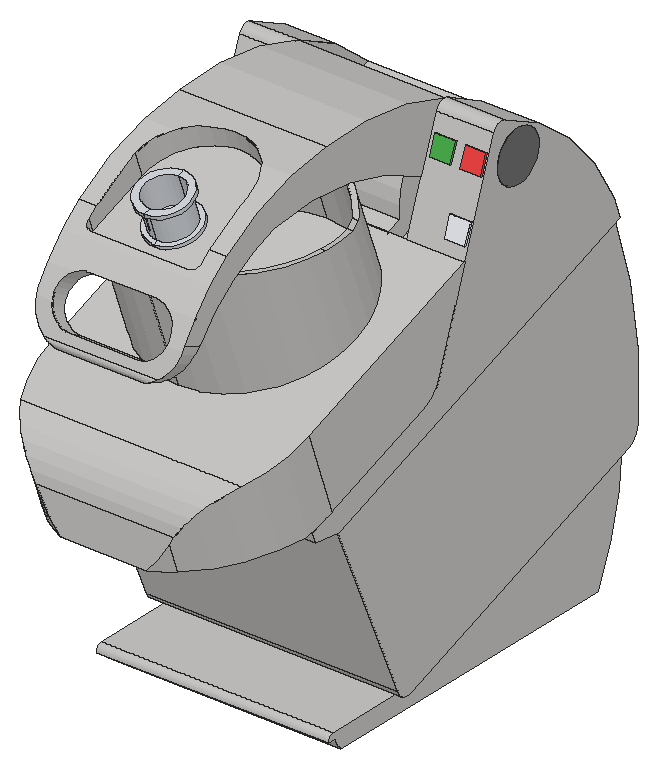
Revit family "QF_DITOSAMA_600419_DTRSY1V50", category Specialty Equipment, Revit 2018
Family settings
  Round Connector Dimension = Use Diameter
  Part Type = Normal
  Work Plane-Based = No
  Always vertical = Yes
  Cut with Voids When Loaded = No
  Shared = No
  Room Calculation Point = No
Parameters (values of type "QF_DITO SAMA_600419_DTRSY1V50")
  Weight = 21.40 kg
  Watts = 0 W
  Volts = 220 V
  URL Manufacturer = "http://www.ditosama.com"
  URL = "http://www.ditosama.com"
  Steam Supply Size = 0 mm
  Steam Supply Minimum Pressure = 0.0 Pa
  Steam Supply Maximum Pressure = 0.0 Pa
  Steam Pounds per Hour = 0
  Refrigeration Suction Line Size = 0 mm
  Refrigeration Liquid Line Size = 0 mm
  Refrigerant Compressor Remote = yes
  Manufacturer = "Dito Sama"
  Phase = 1
  Model = "DTRSY1V50"
  Length Actual = 252 mm  # constant formula
  Item Number = "600419"
  Hot Water Size = 0 mm
  Height Actual = 515 mm  # constant formula
  HP = "0.7 HP"
  Gas Size = 0 mm
  Gas KW = 0
  Gas Input Pressure = 0 W
  Direct Waste Size = 0 mm
  Description = "VEGETABLE SLICER-1 SPEED-500W-220-240/1/50"
  Depth Actual = 500 mm  # constant formula
  Cycle = 50 Hz
  Condensate Return Size = 0 mm
  Compressed Air Volume = 0.0 L/s
  Compressed Air Size = 0 mm
  Compressed Air Pressure = 0.0 Pa
  Cold Water Size = 0 mm
  Accessory = yes
Reference planes
  plane 1 "Center (Front/Back)": y = 0
  plane 2: z = 0
  plane 3 "Center (Left/Right)": x = 0
  plane 4 "BASE": through (-1506.947, -1354.442, -482.669) normal (0, -0.342, 0.9397)
  plane 5 "TOP": z = 780
  plane 6 "FRONT": y = -250
  plane 7 "BACK": y = 250
  plane 8 "LEFT": x = -126
  plane 9 "RIGHT": x = 126
  plane 10 "BaseSup": through (4267.2, -355.454, 143.983) normal (0, -0.342, 0.9397)
  plane 11 "TopCylinder": z = 502
  plane 12 "panel": through (4267.2, 37.396, 376.789) normal (0, -0.9397, 0.342)
  plane 13 "TAN1": through (4267.2, -242.8, 386.84) normal (0, -0.868, 0.4965)
  plane 14 "cx": x = -4.392
Forms (mm)
  Extrusion 1, solid, material "QF_Finishes_Stainless Steel"
    sketch origin (0, 71.755, 29.173) x (0, 0.939693, 0.34202) y (0, -0.34202, 0.939693)
      loop
        line (194.125, 30) -> (-100, 30) -> (-172.671, 56.45)
        arc (-172.671, 56.45) -> (-177.706, 56.23) -> (-181.11, 52.515) r 6.584
        line (-181.11, 52.515) -> (-172.825, 49.499)
        arc (-172.825, 49.499) -> (-173.282, 42.917) -> (-170.601, 36.887) r 13.662
        line (-170.601, 36.887) -> (125.402, -70.849)
        arc (125.402, -70.849) -> (140.415, -55.659) -> (154.125, -39.282) r 258.806
        arc (154.125, -39.282) -> (176.416, -5.964) -> (194.125, 30) r 303.676
    from -114.1 to 114.1
  Extrusion 2, solid, material "QF_Finishes_Stainless Steel"
    sketch origin (0, 71.755, 29.173) x (0, 0.939693, 0.34202) y (0, -0.34202, 0.939693)
      loop
        arc (-117.754, 231.836) -> (-115.421, 136.806) -> (-106.378, 42.177) r 1344.145
        arc (-106.378, 42.177) -> (-102.811, 33.567) -> (-94.2, 30) r 12.177
        line (-94.2, 30) -> (191.415, 30)
        arc (191.415, 30) -> (200.799, 34.052) -> (207.001, 42.177) r 20.212
        arc (207.001, 42.177) -> (237.263, 134.79) -> (245.906, 231.836) r 430.148
        line (245.906, 231.836) -> (-117.754, 231.836)
    from -123.6 to 123.2
  Extrusion 3, solid, material "QF_Finishes_Stainless Steel"
    sketch origin (0, 71.755, 29.173) x (0, 0.939693, 0.34202) y (0, -0.34202, 0.939693)
      loop
        line (-117.754, 231.836) -> (250, 231.836) -> (250, 254)
        arc (250, 254) -> (225.127, 344.7) -> (167.861, 419.303) r 244.524
        arc (167.861, 419.303) -> (160.498, 421.774) -> (153.587, 418.23) r 10
        line (153.587, 418.23) -> (25.432, 265.5)
        arc (25.432, 265.5) -> (14.376, 257.016) -> (0.77, 254) r 32.194
        line (0.77, 254) -> (-142.678, 254) -> (-142.678, 244) -> (-117.754, 231.836)
    from -125 to 125
  Extrusion 4, void
    sketch origin (0, 71.755, 29.173) x (0, 0.939693, 0.34202) y (0, -0.34202, 0.939693)
      loop
        line (146.605, 338.403) -> (228.145, 338.403)
        arc (228.145, 338.403) -> (202.221, 381.996) -> (167.861, 419.303) r 244.524
        arc (167.861, 419.303) -> (160.498, 421.774) -> (153.587, 418.23) r 10
        line (153.587, 418.23) -> (72.34, 321.403) -> (146.605, 321.403) -> (146.605, 338.403)
    from -76.755 to 68.071
  Extrusion 5, solid, material "QF_Finishes_Stainless Steel"
    sketch origin (0, 71.755, 29.173) x (0, 0.939693, 0.34202) y (0, -0.34202, 0.939693)
      loop
        line (86.605, 338.403) -> (69.605, 321.403) -> (146.605, 321.403) -> (146.605, 338.403) -> (138.179, 338.403) -> (138.179, 369.367)
        arc (138.179, 369.367) -> (147.784, 373.474) -> (158.149, 372.174) r 19.987
        arc (158.149, 372.174) -> (156.791, 382.001) -> (162.888, 389.826) r 12.748
        arc (162.888, 389.826) -> (123.302, 374.774) -> (101.605, 338.403) r 64.447
        line (101.605, 338.403) -> (86.605, 338.403)
    from -65 to 50
  Extrusion 6, solid, material "QF_Finishes_Stainless Steel"
    sketch origin (539, 71.755, 29.173) x (0, -0.939693, -0.34202) y (0, -0.34202, 0.939693)
      loop
        circle (-169.102, 378.696) r 12.748
    from 489 to 604
  Extrusion 7, solid, material "QF_Finishes_Rubber Black"
    sketch origin (0, 71.755, 29.173) x (0, 0.939693, 0.34202) y (0, -0.34202, 0.939693)
      loop
        circle (169.102, 378.696) r 25
    from 125 to 126.6
  Extrusion 8, solid, material "QF_Finishes_Green"
    sketch origin (-10, -113.728, -38.42) x (0, -0.34202, -0.939693) y (1, 0, 0)
      loop
        line (-529.862, 82.865) -> (-509.862, 82.865) -> (-509.862, 102.865) -> (-529.862, 102.865) -> (-529.862, 82.865)
    from 0 to 1.6
  Extrusion 9, solid, material "QF_Finishes_Red"
    sketch origin (20, -113.728, -38.42) x (0, -0.34202, -0.939693) y (1, 0, 0)
      loop
        line (-529.862, 82.865) -> (-509.862, 82.865) -> (-509.862, 102.865) -> (-529.862, 102.865) -> (-529.862, 82.865)
    from 0 to 1.6
  Extrusion 10, solid, material "QF_Finishes_White"
    sketch origin (19.976, -149.421, -75.636) x (0, -0.34202, -0.939693) y (1, 0, 0)
      loop
        line (-521.192, 82.865) -> (-501.192, 82.865) -> (-501.192, 102.865) -> (-521.192, 102.865) -> (-521.192, 82.865)
    from 0 to 1.6
  Extrusion 11, solid, material "QF_Finishes_Rubber Black"
    sketch origin (-20, -306.935, 99.376) x (0, -1, 0) y (1, 0, 0)
      loop
        circle (-230.144, 103.748) r 10
      loop
        circle (-230.144, -61.252) r 10
    from 9.274 to 3.787
  Extrusion 12, void
    sketch origin (-20.94, 306.731, 139.428) x (-1, 0, 0) y (0, -0.34202, 0.939693)
      loop
        circle (-20.94, 196.093) r 10
    from -1.916 to -26.433
  Extrusion 13, solid, material "QF_Finishes_Stainless Steel"
    sketch origin (-20.94, 306.678, 139.573) x (-1, 0, 0) y (0, -0.34202, 0.939693)
      loop
        circle (-20.94, 195.939) r 9.999
    from -8.514 to -26.433
  Extrusion 14, solid, material "QF_Finishes_Stainless Steel"
    sketch origin (0, -15.119, 267.855) x (0, -0.939693, -0.34202) y (1, 0, 0)
      loop
        line (-86.605, -125) -> (117.754, -125)
        arc (117.754, -125) -> (182.577, -108.838) -> (232.224, -64.135) r 138.076
        arc (232.224, -64.135) -> (246.337, -33.516) -> (250, 0) r 104.824
        arc (250, 0) -> (246.337, 33.516) -> (232.224, 64.135) r 104.824
        arc (232.224, 64.135) -> (182.577, 108.838) -> (117.754, 125) r 138.076
        line (117.754, 125) -> (-86.605, 125) -> (-86.605, -125)
    from 0 to 84.403
  Extrusion 15, void
    sketch origin (0, 71.755, 29.173) x (0, 0.939693, 0.34202) y (0, -0.34202, 0.939693)
      loop
        line (-148.177, 254) -> (-243.49, 272.527) -> (-229.509, 307.133)
        arc (-229.509, 307.133) -> (-211.109, 329.855) -> (-183.149, 338.403) r 50
        line (-183.149, 338.403) -> (-263.395, 338.403) -> (-263.395, 254) -> (-148.177, 254)
      loop
        line (86.605, 338.403) -> (25.432, 265.5)
        arc (25.432, 265.5) -> (14.376, 257.016) -> (0.77, 254) r 32.194
        line (0.77, 254) -> (86.605, 254) -> (86.605, 338.403)
    from -156.555 to 144.79
  Extrusion 16, solid, material "QF_Finishes_Rubber Black"
    sketch origin (-20, -28.598, 99.376) x (0, -1, 0) y (1, 0, 0)
      loop
        circle (-230.144, 103.748) r 10
      loop
        circle (-230.144, -61.252) r 10
    from 9.274 to 3.787
  Extrusion 17, solid, material "QF_Finishes_Stainless Steel"
    sketch origin (0, 0, 0) x (0, 1, 0) y (0, 0, 1)
      loop
        arc (-237.987, 360.286) -> (-193.334, 422.101) -> (-125.907, 457.716) r 167.502
        arc (-125.907, 457.716) -> (-32.614, 457.202) -> (54.785, 424.565) r 266.494
        line (54.785, 424.565) -> (73.036, 474.711)
        arc (73.036, 474.711) -> (77.269, 479.853) -> (83.792, 481.198) r 10
        arc (83.792, 481.198) -> (12.917, 500.705) -> (-60.594, 500.999) r 278.64
        arc (-60.594, 500.999) -> (-125.023, 488.463) -> (-183.511, 458.675) r 236.13
        arc (-183.511, 458.675) -> (-222.818, 420.732) -> (-248.457, 372.49) r 174.407
        arc (-248.457, 372.49) -> (-249.83, 368.135) -> (-247.05, 364.513) r 4.945
        line (-247.05, 364.513) -> (-237.987, 360.286)
    from -76.755 to 68.071
  Extrusion 18, void
    sketch origin (0, -252.846, 369.279) x (0, -0.496521, -0.868025) y (1, 0, 0)
      loop
        line (-13.723, -36.755) -> (-13.723, 28.071)
        arc (-13.723, 28.071) -> (-38.723, 53.071) -> (-63.723, 28.071) r 25
        line (-63.723, 28.071) -> (-63.723, -36.755)
        arc (-63.723, -36.755) -> (-38.723, -61.755) -> (-13.723, -36.755) r 25
    from -148.493 to 7.125
  Extrusion 19, void
    sketch origin (0, -88.076, 32.057) x (0, -0.34202, -0.939693) y (1, 0, 0)
      loop
        line (-257.162, 68.071) -> (-297.162, 68.071)
        arc (-297.162, 68.071) -> (-268.878, 56.356) -> (-257.162, 28.071) r 40
        line (-257.162, 28.071) -> (-257.162, 68.071)
      loop
        line (-257.162, -76.755) -> (-257.162, -36.755)
        arc (-257.162, -36.755) -> (-268.878, -65.039) -> (-297.162, -76.755) r 40
        line (-297.162, -76.755) -> (-257.162, -76.755)
    from 233.374 to 280.473
  Extrusion 20, void
    sketch origin (0, -73.76, 246.511) x (0, -0.939693, -0.34202) y (1, 0, 0)
      loop
        spline (50.415, 43.499) -> (50.302, 44.538) -> (50.07, 45.551) -> (49.722, 46.523) -> (49.265, 47.436) -> (48.705, 48.278) -> (48.053, 49.034) -> (47.317, 49.692) -> (46.511, 50.241) -> (45.647, 50.674) -> (44.738, 50.981) -> (43.801, 51.16) -> (42.848, 51.221)
        line (42.848, 51.221) -> (-21.826, 51.221)
        arc (-21.826, 51.221) -> (-77.476, -4.429) -> (-21.826, -60.078) r 55.65
        line (-21.826, -60.078) -> (42.849, -60.064)
        spline (42.849, -60.064) -> (43.796, -60.017) -> (44.73, -59.836) -> (45.637, -59.525) -> (46.5, -59.088) -> (47.306, -58.532) -> (48.042, -57.867) -> (48.695, -57.103) -> (49.256, -56.253) -> (49.715, -55.331) -> (50.065, -54.351) -> (50.3, -53.329) -> (50.415, -52.283)
        line (50.415, -52.283) -> (50.415, 43.499)
    from 219.928 to 259.975
  Extrusion 21, void
    sketch origin (0, -87.856, 241.381) x (0, -0.939693, -0.34202) y (1, 0, 0)
      loop
        circle (-4.976, -4.429) r 22.5
    from 184.171 to 259.975
  Extrusion 22, solid, material "QF_Finishes_Stainless Steel"
    sketch origin (0, -57.13, 252.564) x (0, -0.939693, -0.34202) y (1, 0, 0)
      loop
        circle (-27.476, -4.429) r 100
      loop
        circle (-27.476, -4.429) r 95
    from 84.403 to 219.928
  Extrusion 23, void
    sketch origin (539, 0, 0) x (0, -1, 0) y (0, 0, 1)
      loop
        line (-7.229, 448.453) -> (38.883, 431.669) -> (53.883, 431.669) -> (97.232, 435.738) -> (172.232, 435.738) -> (200.5, 434.424) -> (12.562, 502.828) -> (-7.229, 448.453)
    from 424.9 to 664
  Revolve 24, solid
    sketch origin (-4.392, 0, 0) x (0, 1, 0) y (0, 0, 1)
      loop
        line (-159.523, 452.833) -> (-177.266, 446.376) -> (-188.766, 477.973) -> (-195.199, 475.631) -> (-193.959, 472.225) -> (-189.261, 473.935) -> (-179, 445.744) -> (-183.698, 444.034) -> (-182.575, 440.948) -> (-179.543, 442.052) -> (-133.191, 314.7) -> (-112.048, 322.396) -> (-159.523, 452.833)
      axis (-112.048, 322.396) -> (-171.023, 484.431)
    angle from 0 to 360
  Extrusion 25, solid, material "QF_Door-Drawer Clearances", detail levels coarse
    sketch origin (0, -259.129, 728.467) x (0, -0.462376, -0.886684) y (0, 0.886684, -0.462376)
      loop
        arc (-237.987, 360.286) -> (-193.334, 422.101) -> (-125.907, 457.716) r 167.502
        arc (-125.907, 457.716) -> (-32.614, 457.202) -> (54.785, 424.565) r 266.494
        line (54.785, 424.565) -> (59.562, 427.056)
        arc (59.562, 427.056) -> (59.025, 458.234) -> (62.46, 489.226) r 244.524
        arc (62.46, 489.226) -> (1.594, 502.023) -> (-60.594, 500.999) r 278.64
        arc (-60.594, 500.999) -> (-125.023, 488.463) -> (-183.511, 458.675) r 236.13
        arc (-183.511, 458.675) -> (-222.818, 420.732) -> (-248.457, 372.49) r 174.407
        arc (-248.457, 372.49) -> (-249.83, 368.135) -> (-247.05, 364.513) r 4.945
        line (-247.05, 364.513) -> (-237.987, 360.286)
    from -76.755 to 68.071
  Extrusion 26, solid, material "QF_Door-Drawer Clearances", detail levels coarse
    sketch origin (-4.392, 0, 0) x (0, 1, 0) y (0, 0, 1)
      loop
        arc (180.062, 780.324) -> (-149.234, 694.151) -> (-249.905, 368.994) r 350.321
        line (-249.905, 368.994) -> (-246.546, 377.767)
        arc (-246.546, 377.767) -> (-144.345, 691.9) -> (174.993, 776.44) r 345.321
        line (174.993, 776.44) -> (180.062, 780.324)
    from -60 to 60
Cuts and joins
  Extrusion 4, Extrusion 19, Extrusion 20, Extrusion 21 cuts Extrusion 3
  Extrusion 15, Extrusion 19, Extrusion 20, Extrusion 21 cuts Extrusion 14
  Extrusion 18, Extrusion 19, Extrusion 20, Extrusion 21 cuts Extrusion 17
  Extrusion 12, Extrusion 20, Extrusion 21 cuts Extrusion 2
  Extrusion 23 cuts Extrusion 22
Lines and regions (mm)
  model lines
    curve 1: line (-65, 80.335, 302.597) -> (50, 80.335, 302.597)
    curve 2: line (-65, 83.13, 303.615) -> (50, 83.13, 303.615)
Dimensions and locks
  plane 5 "TOP" to level = 780 mm
  plane 8 "LEFT" to plane 3 "Center (Left/Right)" to plane 9 "RIGHT" = 126 mm, 126 mm
  plane 7 "BACK" to plane 1 "Center (Front/Back)" to plane 6 "FRONT" = 250 mm, 250 mm
  plane 5 "TOP" to plane 2 = 780 mm
  plane 5 "TOP" to plane 11 "TopCylinder" = 278 mm
  plane 6 "FRONT" to plane 7 "BACK" = 500 mm
  plane 7 "BACK" to plane 6 "FRONT" = 500 mm
  plane 11 "TopCylinder" to level = 502 mm
  aligned and locked: level to plane 2
Connectors
  electrical at (0, 231.662, 320.783), driven by "Volts"
    settings: on Extrusion 13, index 1, voltage 220 V, apparent load 0 VA, apparent load phase1 0 VA, apparent load phase2 0 VA, apparent load phase3 0 VA, power factor 1, load classification "Other", number of poles 1, system type 30, power factor state 1, is connector primary yes, connector utility no, sub classification motor no, connector description "Electrical Connection"
